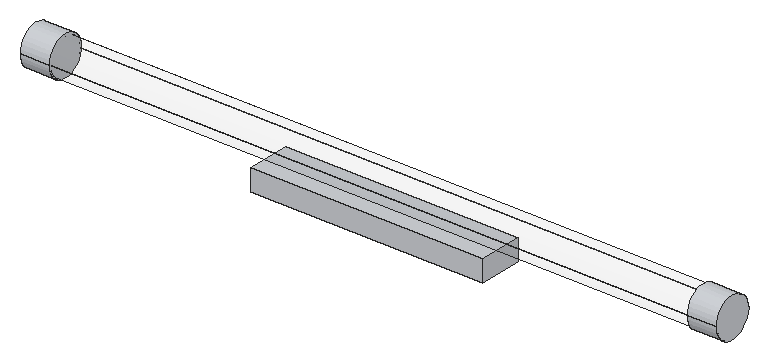
Revit family "5176-48", category Lighting Fixtures, Revit 2016
Family settings
  Part Type = Normal
  Round Connector Dimension = Use Diameter
  OmniClass Number = 23.80.70.00
  OmniClass Title = Lighting
  Work Plane-Based = No
  Always vertical = Yes
  Cut with Voids When Loaded = No
  Light Source = Yes
  Shared = No
  Room Calculation Point = No
Parameters
  Wattage = 12.1178 W
  built-in parameter 1150110 = 1 (stored number, unit not read)
  built-in parameter 1114217 = 1 (stored number, unit not read)
  built-in parameter 1150109 = 1 (stored number, unit not read)
  built-in parameter 1150134 = (empty or 0)
  built-in parameter 1150113 = 1 (stored number, unit not read)
  Lumens = 1800 lm
  built-in parameter 1150115 = 1 (stored number, unit not read)
  built-in parameter 1150105 = 143.24 (stored number, unit not read)
  Light Source Symbol Size = 2' - 0"
  built-in parameter 1150137 = (empty or 0)
  built-in parameter 1150139 = (empty or 0)
  built-in parameter 1150112 = 1 (stored number, unit not read)
  built-in parameter 1150114 = 1 (stored number, unit not read)
  built-in parameter 1150132 = 2
  built-in parameter 1150102 = (empty or 0)
  built-in parameter 1150138 = (empty or 0)
  built-in parameter 1150107 = 3000 (stored number, unit not read)
  built-in parameter 1150106 = 1.4324 (stored number, unit not read)
  built-in parameter 1150104 = 13.8 (stored number, unit not read)
  Dimming Lamp Color Temperature Shift = (empty or 0)
  Color Filter = 16777215
  built-in parameter 1114218 = 1 (stored number, unit not read)
  built-in parameter 1150133 = 10 (stored number, unit not read)
Reference planes (in)
  plane 1 "Light Source Axis (F/B)": y = 0
  plane 2: z = 0
  plane 3 "Light Source Axis (L/R)": x = 0
  plane 4 "Light Source Elevation": z = 54
  plane 5: x = -24
  plane 6: x = 24
  plane 7: x = -22
Forms (in)
  Extrusion 1, solid
    sketch origin (0, 0, 0.5) x (1, 0, 0) y (0, 0, 1)
      loop
        line (-8, -0.5) -> (8, -0.5) -> (8, 1) -> (-8, 1) -> (-8, -0.5)
    from 0 to 3
  Extrusion 2, solid
    sketch origin (-24, -180, -1.26811) x (0, 0, 1) y (0, -1, 0)
      loop
        circle (4.11594, -178.50168) r 1.375
    from 0 to 2
  Extrusion 3, solid, material "Brownlee Acrylic"
    sketch origin (-22, -180, 3.46314) x (0, 0, -1) y (0, -1, 0)
      loop
        circle (0.66512, -178.49345) r 1.25
    from -44 to 0
  Extrusion 4, solid
    sketch origin (24, -180, 0) x (0, 0, -1) y (0, -1, 0)
      loop
        circle (-2.84975, -178.49904) r 1.375
    from 0 to 2
Dimensions and locks (in)
  aligned and locked: plane 3 "Light Source Axis (L/R)" to imposter light
  aligned and locked: plane 1 "Light Source Axis (F/B)" to imposter light
  aligned and locked: plane 4 "Light Source Elevation" to imposter light
  aligned and locked: level to plane 2
